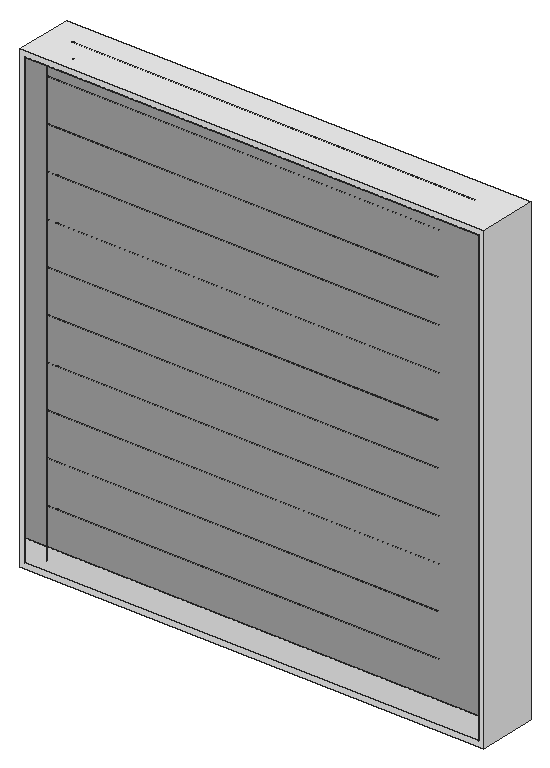
Revit family
Parameters (values of type "Louver_Miami-Dade_EFD-637-MD_All-Lite")
  URL = "http://www.alllite-louvers.com"
  Specifications = "http://www.alllite-louvers.com/catalog/AEFD-637-MD-csi-specification.doc"
  Spacing = 0.375 ft
  SmartBIM Object Version = 3  # constant formula
  SmartBIM Object Created By = "Reed Construction Data"  # constant formula
  Shim Thickness = 0.042 ft
  Screen Width = Width - (2 * Shim Thickness)  # 3.916 ft
  Screen Height = Height - (0.197917 ft + 0.083333 ft)  # 3.71875 ft
  Screen = Aluminum
  Rough Width = 0.0 ft
  Rough Height = 0.0 ft
  Product URL = "http://www.alllite-louvers.com/catalog.php?model=EFD-637-MD"
  Pressure Loss (in.wg.) = "0.11"  # constant formula
  OmniClass Title = "Exterior Louvers and Grilles"  # constant formula
  OmniClass Code = "23-60 11 17"  # constant formula
  Model Number = "EFD-637-MD"  # constant formula
  Model = ""
  Minimum Size = "4.5\" x 8\""
  Maximum Size - Single Section = "48\" x 144\""
  Maximum Size - Multiple Section = "Unlimited width by 144\""
  Manufacturer = "All-Lite"  # constant formula
  Louver Width = Width - (2 * Shim Thickness + 0.166667 ft) - 2 * 0.001953 ft  # 3.745427 ft
  Louver = Mill finish, 6063-T5 Extruded Aluminum
  Height = 4.0 ft
  Free Area for 48”x48” Louver = "59.4%"
  Free Area Velocity (fpm) = "990"  # constant formula
  Free Area (ft²) for 48"x48" Louver = 9.5 ft
  Frame = Mill finish, 6063-T5 Extruded Aluminum
  Default Sill Height = 3.0 ft
  Wall Closure = (empty or 0)
  Width = 4.0 ft
  Cut Sheet = "http://www.alllite-louvers.com/catalog/AEFD637MD.pdf"
  Assembly Code = "B2010300"
  Air Volume Delivered (cfm) = "9,405"  # constant formula
  95 CSI = "10200 "  # constant formula
  04 CSI = "08 91 00"  # constant formula
  # of Louvers = (Height - 0.25 ft) / (Spacing)  # 10
Reference planes (ft)
  plane 1 "Center (Front/Back)": y = 0
  plane 2: z = 0.291667
  plane 3 "Center (Left/Right)": x = 0
  plane 4 "Left": x = -2
  plane 5 "Right": x = 2
  plane 6 "Sill": z = 3.291667
  plane 7 "Top": z = 7.291667
  plane 8: x = -1.958
  plane 9: x = 1.958
  plane 10: z = 7.249667
  plane 11: z = 3.333667
  plane 12: z = 5.291667
  plane 13: z = 3.417
  plane 14: z = 3.458667
  plane 15: z = 7.166333
  plane 16: z = 7.124667
Forms (ft)
  Sweep 1, solid, material "Mill finish, 6063-T5 Extruded Aluminum" <- "Frame"
    path origin (-5, 0.333333, 0) x (-1, 0, 0) y (0, 0, 1)
      loop
        line (-6.872714, 7.249667) -> (-3.127286, 7.249667)
    profile "Horizontal Mullion Head : Horizontal Mullion Head" origin (0, 0.333333, 7.249667) x (0, 0, 1) y (0, 1, 0)
      loop
        line (-0.060191, -0.476735) -> (-0.060191, -0.487269) -> (0, -0.487269) -> (0, 0) -> (-0.081702, 0) -> (-0.138865, -0.057163) -> (-0.132191, -0.063838) -> (-0.077056, -0.008703) -> (-0.008703, -0.008703) -> (-0.008703, -0.06565) -> (-0.025624, -0.06565) -> (-0.025624, -0.073954) -> (-0.273375, -0.073954) -> (-0.273375, -0.009233) -> (-0.200904, -0.009233) -> (-0.200904, 0) -> (-0.282606, 0) -> (-0.282606, -0.080737) -> (-0.172535, -0.080737) -> (-0.172535, -0.097545)
        arc (-0.172535, -0.097545) -> (-0.182538, -0.109544) -> (-0.173667, -0.122404) r 0.012917
        line (-0.173667, -0.122404) -> (-0.172535, -0.116801)
        arc (-0.172535, -0.116801) -> (-0.169891, -0.105234) -> (-0.167248, -0.116801) r 0.006085
        line (-0.167248, -0.116801) -> (-0.1656, -0.122404)
        arc (-0.1656, -0.122404) -> (-0.156716, -0.110132) -> (-0.1656, -0.097861) r 0.012917
        line (-0.1656, -0.097861) -> (-0.1656, -0.080737) -> (-0.067963, -0.080737) -> (-0.067963, -0.088273) -> (-0.042125, -0.088273) -> (-0.042125, -0.09792)
        arc (-0.042125, -0.09792) -> (-0.052128, -0.109919) -> (-0.043258, -0.122778) r 0.012917
        line (-0.043258, -0.122778) -> (-0.042125, -0.117176)
        arc (-0.042125, -0.117176) -> (-0.039482, -0.105609) -> (-0.036838, -0.117176) r 0.006085
        line (-0.036838, -0.117176) -> (-0.035191, -0.122778)
        arc (-0.035191, -0.122778) -> (-0.026307, -0.110507) -> (-0.035191, -0.098235) r 0.012917
        line (-0.035191, -0.098235) -> (-0.035191, -0.088273) -> (-0.008703, -0.088273) -> (-0.008703, -0.476735) -> (-0.060191, -0.476735)
  Sweep 2, solid, material "Mill finish, 6063-T5 Extruded Aluminum" <- "Frame"
    path origin (-5, 0.333333, 0) x (-1, 0, 0) y (0, 0, 1)
      loop
        line (-6.958, 3.333667) -> (-3.042, 3.333667)
    profile "Horizontal Mullion : Horizontal Mullion" origin (0, 0.333333, 3.333667) x (0, 0, 1) y (0, 1, 0)
      loop
        line (0, 0) -> (0, -0.041545) -> (0.00675, -0.041545) -> (0.00675, -0.006628) -> (0.076583, -0.006628) -> (0.076583, -0.499878) -> (0.00675, -0.499878) -> (0.00675, -0.464961) -> (0, -0.464961) -> (0, -0.506628) -> (0.197917, -0.506628) -> (0.197917, -0.499878) -> (0.083333, -0.499878) -> (0.083333, 0) -> (0, 0)
  Sweep 3, solid, material "Mill finish, 6063-T5 Extruded Aluminum" <- "Frame"
    path origin (-5, 0.333333, 0) x (-1, 0, 0) y (0, 0, 1)
      loop
        line (-6.958, 3.417) -> (-6.958, 7.249667)
    profile "Vertical Mullion : Vertical Mullion" origin (1.958, 0.333333, 5.333333) x (1, 0, 0) y (0, 1, 0)
      loop
        line (0, 0) -> (-0.085286, 0) -> (-0.085286, -0.487269) -> (-0.186849, -0.487269) -> (-0.186849, -0.499878) -> (0, -0.499878) -> (0, -0.458211) -> (-0.013911, -0.458211) -> (-0.013911, -0.487269) -> (-0.071375, -0.487269) -> (-0.071375, -0.013138) -> (-0.014562, -0.013138) -> (-0.014562, -0.042196) -> (0, -0.042196) -> (0, 0)
  Sweep 4, solid, material "Mill finish, 6063-T5 Extruded Aluminum" <- "Frame"
    path origin (5, 0.333333, 0) x (1, 0, 0) y (0, 0, -1)
      loop
        line (-6.958, -3.417) -> (-6.958, -7.249667)
    profile "Vertical Mullion : Vertical Mullion" origin (-1.958, 0.333333, 5.333333) x (1, 0, 0) y (0, 1, 0)
      loop
        line (0, 0) -> (0, -0.042196) -> (0.014562, -0.042196) -> (0.014562, -0.013138) -> (0.071375, -0.013138) -> (0.071375, -0.487269) -> (0.013911, -0.487269) -> (0.013911, -0.458211) -> (0, -0.458211) -> (0, -0.499878) -> (0.186849, -0.499878) -> (0.186849, -0.487269) -> (0.085286, -0.487269) -> (0.085286, 0) -> (0, 0)
  Sweep 5, solid, material "Mill finish, 6063-T5 Extruded Aluminum" <- "Frame"
    path origin (-5, 0.333333, 0) x (-1, 0, 0) y (0, 0, 1)
      loop
        line (-3, 7.291667) -> (-7, 7.291667) -> (-7, 3.291667) -> (-3, 3.291667) -> (-3, 7.291667)
    profile origin (-2, 0.333333, 5.291667) x (0, 1, 0) y (-1, 0, 0)
      loop
        line (0, 0) -> (-0.506628, 0) -> (-0.506628, -0.042) -> (0, -0.042) -> (0, 0)
  Extrusion 6, solid, material "Aluminum" <- "Screen"
    sketch origin (-5, 0.333333, 0) x (-1, 0, 0) y (0, 0, 1)
      loop
        line (-3.042, 7.249667) -> (-6.958, 7.249667) -> (-6.958, 3.531583) -> (-3.042, 3.531583) -> (-3.042, 7.249667)
    from -0.506628 to -0.499878
Cuts and joins
  joined: Sweep 2, Sweep 3
Lines and regions (ft)
  Opening 1
    outline origin (-5, -0.333333, 0) x (1, 0, 0) y (0, 0, 1)
      loop
        line (3, 7.291667) -> (3, 3.291667) -> (7, 3.291667) -> (7, 7.291667) -> (3, 7.291667)
  Masking region 1, detail levels fine
    outline origin (0, 0, 0) x (1, 0, 0) y (0, 1, 0)
      loop
        line (-1.958, 0.291138) -> (-1.943438, 0.291138) -> (-1.943438, 0.320195) -> (-1.886625, 0.320195) -> (-1.886625, -0.153935) -> (-1.944089, -0.153935) -> (-1.944089, -0.124878) -> (-1.958, -0.124878) -> (-1.958, -0.166545) -> (-1.771151, -0.166545) -> (-1.771151, -0.153935) -> (-1.872714, -0.153935) -> (-1.872714, 0.333333) -> (-1.958, 0.333333) -> (-1.958, 0.291138)
      loop
        line (1.943437, 0.291138) -> (1.958, 0.291138) -> (1.958, 0.333333) -> (1.872714, 0.333333) -> (1.872714, -0.153935) -> (1.771151, -0.153935) -> (1.771151, -0.166545) -> (1.958, -0.166545) -> (1.958, -0.124878) -> (1.944089, -0.124878) -> (1.944089, -0.153935) -> (1.886625, -0.153935) -> (1.886625, 0.320195) -> (1.943437, 0.320195) -> (1.943437, 0.291138)
  Masking region 2, detail levels coarse+medium
    outline origin (0, 0, 0) x (1, 0, 0) y (0, 1, 0)
      loop
        line (1.872714, 0.333333) -> (1.872714, -0.173295) -> (2, -0.173295) -> (2, 0.333333) -> (1.872714, 0.333333)
      loop
        line (-1.872714, 0.333333) -> (-2, 0.333333) -> (-2, -0.173295) -> (-1.872714, -0.173295) -> (-1.872714, 0.333333)
Text (ft)
  text "EXTERIOR" at (-4.890733, 4.242245, 0), in view "Ref. Level"
  text "INTERIOR" at (-4.890733, -3.147199, 0), in view "Ref. Level"
  text "Exterior" at (0, 3.638026, 10.266337), in view "Left"
  text "Exterior" at (0, 1.524487, 10.420622), in view "Right"
Dimensions and locks (ft)
  equal spacing: plane 4 "Left", plane 3 "Center (Left/Right)", plane 5 "Right"
  "Width": plane 4 "Left" to plane 5 "Right"
  "Height": plane 6 "Sill" to plane 7 "Top"
  "Default Sill Height": plane 2 to plane 6 "Sill"
  "Shim Thickness": plane 4 "Left" to plane 8
  "Shim Thickness": plane 9 to plane 5 "Right"
  "Shim Thickness": plane 10 to plane 7 "Top"
  "Shim Thickness": plane 6 "Sill" to plane 11
  equal spacing: plane 11, plane 12, plane 10
  locked: plane 13 to plane 11 at 0.083333
  locked: plane 14 to plane 13 at 0.041667
  locked: plane 10 to plane 15 at 0.083333
  locked: plane 15 to plane 16 at 0.041667
  Extrusion 6 to plane 6 "Sill" = 0.239917 ft
  equal spacing: group 1, group 3, group 4, group 5, group 6, group 7, group 8, group 9, group 10, group 2  (x3)
  aligned and locked: plane 7 "Top" to Opening 1 sketch curve
  aligned and locked: plane 6 "Sill" to Opening 1 sketch curve  (x2)
  aligned and locked: plane 5 "Right" to Opening 1 sketch curve
  aligned and locked: plane 4 "Left" to Opening 1 sketch curve
  aligned and locked: plane 10 to Sweep 1 sketch curve
  aligned and locked: Sweep 2 sketch curve to plane 11
  aligned and locked: plane 9 to Sweep 2 sketch curve
  aligned and locked: plane 8 to Sweep 2 sketch curve
  aligned and locked: plane 9 to Sweep 3 sketch curve
  aligned and locked: Sweep 4 sketch curve to plane 8
  aligned and locked: cut or joined group of Sweep 2, Sweep 3 to Sweep 3 sketch curve
  aligned and locked: Sweep 4 sketch curve to cut or joined group of Sweep 2, Sweep 3
  aligned and locked: Sweep 5 sketch curve to plane 4 "Left"
  aligned and locked: Sweep 5 sketch curve to plane 7 "Top"
  aligned and locked: Sweep 5 sketch curve to plane 6 "Sill"
  aligned and locked: Sweep 5 sketch curve to plane 5 "Right"
  aligned and locked: Sweep 5 sketch curve to host wall  (x2)
  aligned and locked: plane 8 to Sweep 5 sketch curve
  aligned and locked: cut or joined group of Sweep 2, Sweep 3 to Sweep 5 sketch curve
  aligned and locked: Extrusion 6 to cut or joined group of Sweep 2, Sweep 3
  aligned and locked: Sweep 5 to Extrusion 6 sketch curve  (x2)
  aligned and locked: plane 3 "Center (Left/Right)" to nested 1
  aligned and locked: plane 14 to nested 1
  aligned and locked: plane 10 to Sweep 4 sketch curve
  aligned and locked: plane 10 to Sweep 3 sketch curve
  aligned and locked: cut or joined group of Sweep 2, Sweep 3 to Sweep 1 sketch curve
  aligned and locked: Sweep 1 sketch curve to Sweep 4
  aligned and locked: nested 1 to Sweep 4
  aligned and locked: nested 2 to plane 15
  aligned and locked: nested 2 to Sweep 4
  aligned and locked: plane 3 "Center (Left/Right)" to nested 2
  aligned and locked: plane 10 to Extrusion 6
  aligned and locked: Extrusion 6 sketch curve to cut or joined group of Sweep 2, Sweep 3
  aligned and locked: Extrusion 6 sketch curve to Sweep 5
  aligned and locked: Masking region 1 sketch curve to Sweep 4  (x11)
  aligned and locked: Sweep 5 to Masking region 1 sketch curve  (x2)
  aligned and locked: Extrusion 6 to Masking region 1 sketch curve
  aligned and locked: Masking region 1 sketch curve to cut or joined group of Sweep 2, Sweep 3  (x10)
  aligned and locked: Masking region 1 sketch curve to Sweep 5
  aligned and locked: nested 3 to Masking region 1 sketch curve
  aligned and locked: Masking region 1 sketch curve to Extrusion 6
  aligned and locked: cut or joined group of Sweep 2, Sweep 3 to Masking region 1 sketch curve
  aligned and locked: cut or joined group of Sweep 2, Sweep 3 to Masking region 2 sketch curve
  aligned and locked: Masking region 2 sketch curve to cut or joined group of Sweep 2, Sweep 3
  aligned and locked: Sweep 5 to Masking region 2 sketch curve
  aligned and locked: Masking region 2 sketch curve to Sweep 5  (x3)
  aligned and locked: Sweep 4 to Masking region 2 sketch curve
  aligned and locked: Masking region 2 sketch curve to Sweep 4
Automatic sketch dimensions
  plane 9 to Masking region 1 sketch curve = 0.014563 ft
Nested families (ft)
  nested 1: "Louver Single" at (0, 0.166255, 3.458667), type "Louver"
    with Louver Length 3.745427 ft
  nested 2: "Louver Single" at (0, 0.166363, 6.778312), type "Louver"
    with Louver Length 3.745427 ft
  nested 3: "Louver Single" at (0, 0.166267, 3.827516), type "Louver"
    with Louver Length 3.745427 ft
  nested 4: "Louver Single" at (0, 0.166279, 4.196366), type "Louver"
    with Louver Length 3.745427 ft
  nested 5: "Louver Single" at (0, 0.166291, 4.565215), type "Louver"
    with Louver Length 3.745427 ft
  nested 6: "Louver Single" at (0, 0.166303, 4.934065), type "Louver"
    with Louver Length 3.745427 ft
  nested 7: "Louver Single" at (0, 0.166315, 5.302914), type "Louver"
    with Louver Length 3.745427 ft
  nested 8: "Louver Single" at (0, 0.166327, 5.671764), type "Louver"
    with Louver Length 3.745427 ft
  nested 9: "Louver Single" at (0, 0.166339, 6.040613), type "Louver"
    with Louver Length 3.745427 ft
  nested 10: "Louver Single" at (0, 0.166351, 6.409463), type "Louver"
    with Louver Length 3.745427 ft
Connectors (ft)
  hvac at (0, -0.173295, 5.390625), driven by "Screen Width", driven by "Screen Height"
    settings: on Extrusion 6, index 1
Definition of nested family "Louver Single"
  Parameters (values of type "Louver")
    sdad = 0.5 ft
    sas = 0.388021 ft
    Louver Length = 2.75 ft
    Louver Single = yes
    Louver = none
    Assembly Code = ""
  Reference planes (ft)
    plane 1 "Center (Front/Back)": y = -0.085938
    plane 2: z = 0
    plane 3 "Center (Left/Right)": x = 0
    plane 4: x = -1.375
    plane 5: x = 1.375
    plane 6: z = 0.388021
    plane 7: z = 0.19401
    plane 8: y = 0.164062
    plane 9: y = -0.335938
  Forms (ft)
    Extrusion 1, solid, material <- "Louver"
      sketch origin (0, 0, 0) x (0, 1, 0) y (0, 0, 1)
        loop
          line (0.15394, 0.016149) -> (0.15394, 0.082917) -> (0.150065, 0.082917) -> (0.131895, 0.068204) -> (0.136812, 0.062132) -> (0.146127, 0.069676) -> (0.146127, 0.016149)
          arc (0.146127, 0.016149) -> (0.141589, 0.008815) -> (0.132999, 0.009604) r 0.008196
          line (0.132999, 0.009604) -> (0.082765, 0.047459) -> (0.082765, 0.083309) -> (0.013268, 0.152806)
          arc (0.013268, 0.152806) -> (0.01074, 0.15333) -> (0.008813, 0.151613) r 0.002871
          line (0.008813, 0.151613) -> (0.008813, 0.137299)
          arc (0.008813, 0.137299) -> (0.004795, 0.135255) -> (0.00056, 0.136799) r 0.005652
          line (0.00056, 0.136799) -> (-0.100899, 0.238259)
          arc (-0.100899, 0.238259) -> (-0.105698, 0.238827) -> (-0.107372, 0.234294) r 0.003903
          arc (-0.107372, 0.234294) -> (-0.10794, 0.231175) -> (-0.111108, 0.231046) r 0.002537
          arc (-0.111108, 0.231046) -> (-0.155568, 0.263809) -> (-0.200488, 0.295939) r 3.894901
          arc (-0.200488, 0.295939) -> (-0.211893, 0.304553) -> (-0.224033, 0.312097) r 0.157367
          arc (-0.224033, 0.312097) -> (-0.251417, 0.324617) -> (-0.280474, 0.332511) r 0.18431
          line (-0.280474, 0.332511) -> (-0.30858, 0.332511) -> (-0.30858, 0.372889) -> (-0.305008, 0.379076) -> (-0.313953, 0.388021) -> (-0.320299, 0.388021) -> (-0.320299, 0.324699) -> (-0.2812, 0.324699)
          arc (-0.2812, 0.324699) -> (-0.253738, 0.317149) -> (-0.227849, 0.30528) r 0.176498
          arc (-0.227849, 0.30528) -> (-0.231922, 0.296978) -> (-0.231243, 0.287755) r 0.017664
          line (-0.231243, 0.287755) -> (-0.223862, 0.290353)
          arc (-0.223862, 0.290353) -> (-0.214082, 0.298382) -> (-0.218352, 0.286471) r 0.006564
          line (-0.218352, 0.286471) -> (-0.218352, 0.278533)
          arc (-0.218352, 0.278533) -> (-0.209356, 0.281234) -> (-0.20498, 0.289546) r 0.01214
          arc (-0.20498, 0.289546) -> (-0.159087, 0.25671) -> (-0.113676, 0.22321) r 3.887089
          arc (-0.113676, 0.22321) -> (-0.105537, 0.21947) -> (-0.098006, 0.224317) r 0.009319
          line (-0.098006, 0.224317) -> (-0.004909, 0.13122)
          arc (-0.004909, 0.13122) -> (0.008107, 0.127937) -> (0.017492, 0.137533) r 0.013465
          line (0.017492, 0.137533) -> (0.043221, 0.111804)
          arc (0.043221, 0.111804) -> (0.032953, 0.104759) -> (0.032713, 0.092309) r 0.013611
          line (0.032713, 0.092309) -> (0.039728, 0.095749)
          arc (0.039728, 0.095749) -> (0.0476, 0.103451) -> (0.045856, 0.092576) r 0.005798
          line (0.045856, 0.092576) -> (0.045856, 0.084721) -> (0.058876, 0.084721)
          arc (0.058876, 0.084721) -> (0.059568, 0.087192) -> (0.057644, 0.08889) r 0.002413
          line (0.057644, 0.08889) -> (0.05991, 0.095115) -> (0.074952, 0.080073) -> (0.074952, 0.043563) -> (0.128298, 0.003365)
          arc (0.128298, 0.003365) -> (0.145075, 0.001823) -> (0.15394, 0.016149) r 0.016008
      from -1.375 to 1.375
  Dimensions and locks (ft)
    equal spacing: plane 4, plane 3 "Center (Left/Right)", plane 5
    "Louver Length": plane 4 to plane 5
    "sas": level to plane 6
    equal spacing: level, plane 7, plane 6
    "sdad": plane 8 to plane 9
    equal spacing: plane 8, plane 1 "Center (Front/Back)", plane 9
    aligned and locked: Extrusion 1 to plane 4
    aligned and locked: plane 5 to Extrusion 1
  Automatic sketch dimensions
    Extrusion 1 sketch curve to Extrusion 1 sketch curve = 0.0 ft  (x8)
    Extrusion 1 sketch curve to plane 6 = 0.0 ft
    plane 8 to Extrusion 1 sketch curve = 0.010123 ft
    Extrusion 1 sketch curve to Extrusion 1 sketch curve = 0.003875 ft
    Extrusion 1 sketch curve to Extrusion 1 sketch curve = 0.003937 ft
    Extrusion 1 sketch curve to Extrusion 1 sketch curve = 0.008196 ft
    Extrusion 1 sketch curve to Extrusion 1 sketch curve = 0.009316 ft
    level to Extrusion 1 sketch curve = 0.009604 ft
    Extrusion 1 sketch curve to Extrusion 1 sketch curve = 0.004932 ft
    Extrusion 1 sketch curve to Extrusion 1 sketch curve = 0.004917 ft
    level to Extrusion 1 sketch curve = 0.003365 ft
    Extrusion 1 sketch curve to Extrusion 1 sketch curve = 0.04913 ft
    Extrusion 1 sketch curve to Extrusion 1 sketch curve = 0.007812 ft
    Extrusion 1 sketch curve to Extrusion 1 sketch curve = 0.015042 ft
    Extrusion 1 sketch curve to Extrusion 1 sketch curve = 0.001034 ft
    Extrusion 1 sketch curve to Extrusion 1 sketch curve = 0.001232 ft
    Extrusion 1 sketch curve to Extrusion 1 sketch curve = 0.00039 ft
    Extrusion 1 sketch curve to Extrusion 1 sketch curve = 0.011398 ft
    Extrusion 1 sketch curve to Extrusion 1 sketch curve = 0.000922 ft
    Extrusion 1 sketch curve to Extrusion 1 sketch curve = 0.001713 ft
    Extrusion 1 sketch curve to Extrusion 1 sketch curve = 0.005206 ft
    Extrusion 1 sketch curve to Extrusion 1 sketch curve = 0.007015 ft
    Extrusion 1 sketch curve to Extrusion 1 sketch curve = 0.02573 ft
    Extrusion 1 sketch curve to Extrusion 1 sketch curve = 0.004224 ft
    Extrusion 1 sketch curve to Extrusion 1 sketch curve = 0.001784 ft
    Extrusion 1 sketch curve to Extrusion 1 sketch curve = 0.008679 ft
    Extrusion 1 sketch curve to Extrusion 1 sketch curve = 0.004359 ft
    Extrusion 1 sketch curve to Extrusion 1 sketch curve = 0.003894 ft
    Extrusion 1 sketch curve to Extrusion 1 sketch curve = 0.005469 ft
    plane 1 "Center (Front/Back)" to Extrusion 1 sketch curve = 0.012068 ft
    Extrusion 1 sketch curve to Extrusion 1 sketch curve = 0.002893 ft
    Extrusion 1 sketch curve to Extrusion 1 sketch curve = 0.00276 ft
    Extrusion 1 sketch curve to Extrusion 1 sketch curve = 0.002535 ft
    Extrusion 1 sketch curve to Extrusion 1 sketch curve = 0.003713 ft
    Extrusion 1 sketch curve to Extrusion 1 sketch curve = 0.002232 ft
    Extrusion 1 sketch curve to Extrusion 1 sketch curve = 0.001503 ft
    Extrusion 1 sketch curve to Extrusion 1 sketch curve = 0.002568 ft
    Extrusion 1 sketch curve to Extrusion 1 sketch curve = 0.089381 ft
    Extrusion 1 sketch curve to Extrusion 1 sketch curve = 0.004492 ft
    Extrusion 1 sketch curve to Extrusion 1 sketch curve = 0.0096 ft
    Extrusion 1 sketch curve to Extrusion 1 sketch curve = 0.002493 ft
    Extrusion 1 sketch curve to Extrusion 1 sketch curve = 0.000789 ft
    Extrusion 1 sketch curve to Extrusion 1 sketch curve = 0.001279 ft
    Extrusion 1 sketch curve to Extrusion 1 sketch curve = 0.005999 ft
    Extrusion 1 sketch curve to Extrusion 1 sketch curve = 0.006171 ft
    Extrusion 1 sketch curve to Extrusion 1 sketch curve = 0.003816 ft
    plane 7 to Extrusion 1 sketch curve = 0.093744 ft
    Extrusion 1 sketch curve to Extrusion 1 sketch curve = 0.007381 ft
    plane 9 to Extrusion 1 sketch curve = 0.055464 ft
    Extrusion 1 sketch curve to Extrusion 1 sketch curve = 0.000726 ft
    Extrusion 1 sketch curve to plane 7 = 0.019208 ft
    plane 9 to Extrusion 1 sketch curve = 0.035 ft
    plane 6 to Extrusion 1 sketch curve = 0.008945 ft
    plane 9 to Extrusion 1 sketch curve = 0.027358 ft
    plane 9 to Extrusion 1 sketch curve = 0.021833 ft
    Extrusion 1 sketch curve to Extrusion 1 sketch curve = 0.000001 ft
    Extrusion 1 sketch curve to Extrusion 1 sketch curve = 0.008945 ft
    Extrusion 1 sketch curve to Extrusion 1 sketch curve = 0.006346 ft
    plane 9 to Extrusion 1 sketch curve = 0.015639 ft
    Extrusion 1 sketch curve to plane 9 = 2.107923 ft
    Extrusion 1 sketch curve to Extrusion 1 sketch curve = 0.000013 ft
    Extrusion 1 sketch curve to level = 2.888002 ft
    Extrusion 1 sketch curve to Extrusion 1 sketch curve = 0.000009 ft
    level to Extrusion 1 sketch curve = 0.043563 ft
    Extrusion 1 sketch curve to Extrusion 1 sketch curve = 0.003895 ft
    Extrusion 1 sketch curve to Extrusion 1 sketch curve = 0.006071 ft
    Extrusion 1 sketch curve to Extrusion 1 sketch curve = 0.032615 ft
    Extrusion 1 sketch curve to Extrusion 1 sketch curve = 0.003236 ft
    Extrusion 1 sketch curve to Extrusion 1 sketch curve = 0.004648 ft
    Extrusion 1 sketch curve to Extrusion 1 sketch curve = 0.001787 ft
    Extrusion 1 sketch curve to Extrusion 1 sketch curve = 0.007588 ft
    Extrusion 1 sketch curve to Extrusion 1 sketch curve = 0.007855 ft
    Extrusion 1 sketch curve to Extrusion 1 sketch curve = 0.006225 ft
    Extrusion 1 sketch curve to Extrusion 1 sketch curve = 0.003172 ft
    Extrusion 1 sketch curve to Extrusion 1 sketch curve = 0.019416 ft
    Extrusion 1 sketch curve to Extrusion 1 sketch curve = 0.005579 ft
    Extrusion 1 sketch curve to Extrusion 1 sketch curve = 0.000499 ft
    Extrusion 1 sketch curve to Extrusion 1 sketch curve = 0.009661 ft
    Extrusion 1 sketch curve to Extrusion 1 sketch curve = 0.023508 ft
    Extrusion 1 sketch curve to Extrusion 1 sketch curve = 0.001056 ft
    Extrusion 1 sketch curve to Extrusion 1 sketch curve = 0.007836 ft
    Extrusion 1 sketch curve to Extrusion 1 sketch curve = 0.006729 ft
    Extrusion 1 sketch curve to Extrusion 1 sketch curve = 0.002043 ft
    Extrusion 1 sketch curve to Extrusion 1 sketch curve = 0.001204 ft
    Extrusion 1 sketch curve to Extrusion 1 sketch curve = 0.009222 ft
    Extrusion 1 sketch curve to Extrusion 1 sketch curve = 0.004134 ft
    Extrusion 1 sketch curve to Extrusion 1 sketch curve = 0.003882 ft
    Extrusion 1 sketch curve to Extrusion 1 sketch curve = 0.000603 ft
    Extrusion 1 sketch curve to Extrusion 1 sketch curve = 0.006187 ft
    Extrusion 1 sketch curve to Extrusion 1 sketch curve = 0.045983 ft
